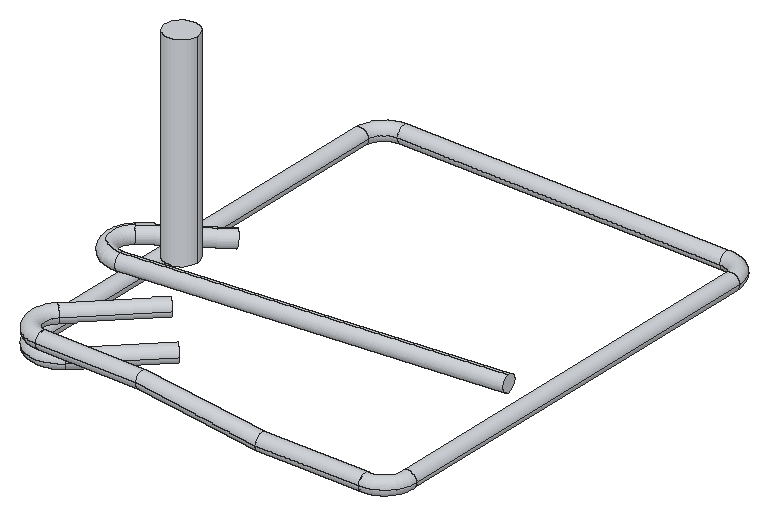
Revit family
Parameters (values of type "PHI_18")
  C_visibility_staffa [instance] = no
  C_raggio_staffa [instance] = (C_phi_staffa) / 2  # 0.50 cm
  C_raggio_Tondino [instance] = (C_phi_Tondino) / 2  # 1.00 cm
  C_ragg_tondino_10_phi [instance] = (C_DIAM_tondino_10_phi) / 2  # 0.50 cm
  C_phi_staffa [instance] = 1.00 cm
  C_phi_Tondino [instance] = 2.00 cm
  C_materiale_staffa [instance] = Default Wall
  C_curva(x+y) [instance] = (C_raggio_staffa + C_raggio_Tondino)  # 1.50 cm
  C_asse_dist [instance] = 3.00 cm
  C_STAFFA_meta_larg [instance] = 15.00 cm
  C_EQ [instance] = 17.50 cm
  C_DIAM_tondino_10_phi [instance] = 1.00 cm
  C_CURVA_10_phi [instance] = (C_raggio_staffa + C_ragg_tondino_10_phi)  # 1.00 cm
Reference planes (cm)
  plane 1 "Center (Front/Back)": y = 0
  plane 2: z = 0
  plane 3 "Center (Left/Right)": x = 0
  plane 4 "BACK": y = 17.5
  plane 5 "FRONT": y = -17.5
  plane 6 "LEFT": x = 15
  plane 7: y = 14.5
  plane 8: y = -14.5
  plane 9: x = 12
  plane 10 "RIGHT": x = -15
  plane 11: x = -12
  plane 12 "SOPRA": z = 0.4282
  plane 13 "SOTTO": z = -0.4282
  plane 14: x = -11.5
  plane 15: y = 14
  plane 16 "F_R_O_N_T_ NEWWW": y = -14
  plane 17: through (-13.4499, -15.9499, 120) normal (-0.7071, 0.7071, 0)
  plane 18: x = 11.5
  plane 19: y = 13.5
  plane 20: y = -13.5
  plane 21: x = 11
  plane 22: x = -11
  plane 23: y = 4.5
  plane 24: y = -4.5
  plane 25 "DIAGONALE": through (11.8414, -5.7226, 120) normal (0.8339, -0.5519, 0)
  plane 26: x = -12.5
  plane 27: x = -6.5
  plane 28: through (-13.5962, -5.9286, 120) normal (-0.7071, 0.7071, 0)
  plane 29 "DIAGONALE_NEW": through (-10.6845, -0.8956, 120) normal (0.7071, -0.7071, 0)
Forms (cm)
  Sweep 1, solid
    path in 3D
      loop
        line (-5.0503, -9.6716, -0.4282) -> (-8.9393, -13.5607, -0.4282)
        arc (-8.9393, -13.5607, -0.4282) -> (-10.574, -13.8858, -0.4282) -> (-11.5, -12.5, -0.4282) r 1.5
        line (-11.5, -12.5, -0.4282) -> (-11.5, 12.5, -0.4282)
        arc (-11.5, 12.5, -0.4282) -> (-11.0607, 13.5607, -0.4282) -> (-10, 14, -0.4282) r 1.5
        line (-10, 14, -0.4282) -> (10, 14, -0.4282)
        arc (10, 14, -0.4282) -> (11.0607, 13.5607, -0.4282) -> (11.5, 12.5, -0.4282) r 1.5
        line (11.5, 12.5, -0.4282) -> (11.5, -12.5, -0.4282)
        arc (11.5, -12.5, -0.4282) -> (11.0607, -13.5607, -0.4282) -> (10, -14, -0.4282) r 1.5
        line (10, -14, -0.4282) -> (3.6, -14, -0.4282) -> (-3.8, -14, 0.4282) -> (-10, -14, 0.4282)
        arc (-10, -14, 0.4282) -> (-11.3858, -13.074, 0.4282) -> (-11.0607, -11.4393, 0.4282) r 1.5
        line (-11.0607, -11.4393, 0.4282) -> (-7.1716, -7.5503, 0.4282)
    profile origin (-9.1161, -9.4948, 0.4282) x (-0.707107, 0.707107, 0) y (0, 0, 1)
      loop
        circle (0, 0) r 0.5
  Extrusion 2, solid
    sketch origin (0.261, -0.5239, 0.4282) x (-1, 0, 0) y (0, -1, 0)
      loop
        circle (10.1553, 2.827) r 1
    from 0 to 12.5537
  Sweep 3, solid
    path in 3D
      loop
        line (10.4338, -3.4029, 0.4282) -> (-11.754, -5.7349, 0.4282)
        arc (-11.754, -5.7349, 0.4282) -> (-13.2646, -4.8889, 0.4282) -> (-12.9714, -3.1825, 0.4282) r 1.5
        line (-12.9714, -3.1825, 0.4282) -> (-9.4359, 0.353, -0.1455)
    profile origin (-11.2037, -1.4147, 0.1413) x (0.08061, 0.08061, 0.993481) y (0.707107, -0.707107, 0)
      loop
        circle (0.1154, 0) r 0.5
Lines and regions (cm)
  model lines
    curve 1: line (-11.5, -12.5, -0.4282) -> (-11.5, 12.5, -0.4282)
    curve 2: line (-10, 14, -0.4282) -> (10, 14, -0.4282)
    curve 3: line (11.5, 12.5, -0.4282) -> (11.5, -12.5, -0.4282)
    curve 4: line (10, -14, -0.4282) -> (3.6, -14, -0.4282)
    curve 5: line (-8.9393, -13.5607, -0.4282) -> (-5.0503, -9.6716, -0.4282)
    curve 6: line (-10, -14, 0.4282) -> (-3.8, -14, 0.4282)
    curve 7: line (-3.8, -14, 0.4282) -> (3.6, -14, -0.4282)
    curve 8: line (-11.0607, -11.4393, 0.4282) -> (-7.1716, -7.5503, 0.4282)
    curve 9: arc (-11.5, 12.5, -0.4282) -> (-11.0607, 13.5607, -0.4282) -> (-10, 14, -0.4282) r 1.5
    curve 10: arc (10, 14, -0.4282) -> (11.0607, 13.5607, -0.4282) -> (11.5, 12.5, -0.4282) r 1.5
    curve 11: arc (10, -14, -0.4282) -> (11.0607, -13.5607, -0.4282) -> (11.5, -12.5, -0.4282) r 1.5
    curve 12: arc (-11.5, -12.5, -0.4282) -> (-10.574, -13.8858, -0.4282) -> (-8.9393, -13.5607, -0.4282) r 1.5
    curve 13: arc (-11.0607, -11.4393, 0.4282) -> (-11.3858, -13.074, 0.4282) -> (-10, -14, 0.4282) r 1.5
    curve 27: circle (-9.8248, 4.5, -0.4282) r 1 normal (0, 0, 1)
    curve 28: circle (9.8248, 4.5, -0.4282) r 1 normal (0, 0, -1)
    curve 29: circle (-9.9062, -4.3508, -0.4282) r 1 normal (0, 0, -1)
    curve 30: circle (9.8248, -4.5, -0.4282) r 1 normal (0, 0, 1)
    curve 31: line (-11.754, -5.7349, 0.4282) -> (10.4338, -3.4029, 0.4282)
    curve 32: arc (10.4338, -3.4029, 0.4282) -> (11.873, -4.1165, 0.4282) -> (11.8414, -5.7226, 0.4282) r 1.5
    curve 33: line (11.8414, -5.7226, 0.4282) -> (9.6417, -9.046, -0.4282)
    curve 34: arc (10.4338, 5.5971, 0.4282) -> (11.873, 4.8835, 0.4282) -> (11.8414, 3.2774, 0.4282) r 1.5
    curve 35: arc (-12.9714, -3.1825, 0.4282) -> (-13.2646, -4.8889, 0.4282) -> (-11.754, -5.7349, 0.4282) r 1.5
    curve 36: line (7.1532, 16.9422, 0.4282) -> (4.1421, 13.9311, -0.4282)
    curve 37: line (-12.9714, -3.1825, 0.4282) -> (-9.4359, 0.353, -0.1455)
  sketch lines
    curve 14: line (-11.0607, -11.4393, 0.4282) -> (-7.1716, -7.5503, 0.4282)
    curve 15: arc (-11.0607, -11.4393, 0.4282) -> (-11.3858, -13.074, 0.4282) -> (-10, -14, 0.4282) r 1.5
    curve 16: line (-10, -14, 0.4282) -> (-3.8, -14, 0.4282)
    curve 17: line (-3.8, -14, 0.4282) -> (3.6, -14, -0.4282)
    curve 18: line (10, -14, -0.4282) -> (3.6, -14, -0.4282)
    curve 19: arc (10, -14, -0.4282) -> (11.0607, -13.5607, -0.4282) -> (11.5, -12.5, -0.4282) r 1.5
    curve 20: line (11.5, 12.5, -0.4282) -> (11.5, -12.5, -0.4282)
    curve 21: arc (10, 14, -0.4282) -> (11.0607, 13.5607, -0.4282) -> (11.5, 12.5, -0.4282) r 1.5
    curve 22: line (-10, 14, -0.4282) -> (10, 14, -0.4282)
    curve 23: arc (-11.5, 12.5, -0.4282) -> (-11.0607, 13.5607, -0.4282) -> (-10, 14, -0.4282) r 1.5
    curve 24: line (-11.5, -12.5, -0.4282) -> (-11.5, 12.5, -0.4282)
    curve 25: arc (-11.5, -12.5, -0.4282) -> (-10.574, -13.8858, -0.4282) -> (-8.9393, -13.5607, -0.4282) r 1.5
    curve 26: line (-8.9393, -13.5607, -0.4282) -> (-5.0503, -9.6716, -0.4282)
    curve 38: line (-12.9714, -3.1825, 0.4282) -> (-9.4359, 0.353, -0.1455)
    curve 39: arc (-12.9714, -3.1825, 0.4282) -> (-13.2646, -4.8889, 0.4282) -> (-11.754, -5.7349, 0.4282) r 1.5
    curve 40: line (-11.754, -5.7349, 0.4282) -> (10.4338, -3.4029, 0.4282)
Dimensions and locks (cm)
  "C_asse_dist": plane 4 "BACK" to plane 7
  "C_asse_dist": plane 8 to plane 5 "FRONT"
  "C_asse_dist": plane 9 to plane 6 "LEFT"
  "C_asse_dist": plane 10 "RIGHT" to plane 11
  equal spacing: plane 12 "SOPRA", level, plane 13 "SOTTO"
  "C_raggio_staffa": plane 11 to plane 14
  "C_STAFFA_meta_larg": plane 10 "RIGHT" to plane 3 "Center (Left/Right)"
  "C_STAFFA_meta_larg": plane 3 "Center (Left/Right)" to plane 6 "LEFT"
  "C_raggio_staffa": plane 7 to plane 15
  "C_EQ": plane 1 "Center (Front/Back)" to plane 4 "BACK"
  "C_raggio_staffa": plane 16 "F_R_O_N_T_ NEWWW" to plane 8
  "C_EQ": plane 1 "Center (Front/Back)" to plane 5 "FRONT"
  "C_raggio_staffa": plane 18 to plane 9
  plane 19 to plane 23 to plane 24 = 9.00 cm, 9.00 cm
  plane 20 to plane 24 = 9.00 cm
  "C_curva(x+y)": radius of curve 9
  "C_curva(x+y)": radius of curve 10
  "C_curva(x+y)": radius of curve 11
  "C_curva(x+y)": radius of curve 12
  "C_curva(x+y)": radius of curve 13
  "C_raggio_staffa": radius of Sweep 1 sketch curve
  "C_raggio_staffa": radius of Sweep 3 sketch curve
  angle plane 17 to plane 14 = 45.00°
Automatic sketch dimensions
  curve 7 to plane 13 "SOTTO" = 0.00 cm
  curve 7 to plane 12 "SOPRA" = 0.00 cm
  plane 3 "Center (Left/Right)" to curve 7 = 3.60 cm
  curve 7 to plane 3 "Center (Left/Right)" = 3.80 cm
  curve 33 to plane 13 "SOTTO" = 0.00 cm
  curve 33 to plane 12 "SOPRA" = 0.00 cm
  curve 33 to curve 33 = 3.9855 cm
  Sweep 1 sketch curve to profile plane = 0.00 cm
  profile plane to Sweep 1 sketch curve = 0.00 cm
  curve 3 to plane 18 = 0.00 cm
  plane 24 to curve 30 = 0.00 cm
  curve 28 to plane 23 = 0.00 cm
  curve 4 to plane 16 "F_R_O_N_T_ NEWWW" = 0.00 cm
  curve 27 to plane 23 = 0.00 cm
  curve 12 to plane 17 = 0.00 cm
  curve 2 to plane 15 = 0.00 cm
  curve 9 to plane 14 = 0.00 cm
  plane 21 to curve 30 = 1.1752 cm
  plane 21 to curve 28 = 1.1752 cm
  plane 3 "Center (Left/Right)" to curve 4 = 3.60 cm
  plane 27 to curve 5 = 1.4497 cm
  plane 20 to curve 12 = 0.0607 cm
  plane 22 to curve 27 = 1.1752 cm
  curve 29 to plane 24 = 0.1492 cm
  plane 22 to curve 29 = 1.0938 cm
  curve 5 to plane 20 = 3.8284 cm
  plane 25 "DIAGONALE" to curve 32 = 0.00 cm
  curve 6 to plane 16 "F_R_O_N_T_ NEWWW" = 0.00 cm
  curve 13 to plane 17 = 0.00 cm
  curve 35 to plane 28 = 0.00 cm
  curve 8 to plane 27 = 0.6716 cm
  plane 27 to curve 6 = 2.70 cm
  plane 21 to curve 32 = 0.5662 cm
  plane 21 to curve 34 = 0.5662 cm
  plane 21 to curve 34 = 0.4094 cm
  plane 21 to curve 32 = 0.4094 cm
  plane 9 to curve 32 = 0.1586 cm
  plane 9 to curve 34 = 0.1586 cm
  curve 13 to plane 22 = 0.0607 cm
  plane 11 to curve 31 = 0.246 cm
  plane 11 to curve 35 = 0.0892 cm
  curve 35 to plane 26 = 0.4714 cm
  curve 34 to plane 23 = 1.2226 cm
  curve 34 to plane 23 = 0.3947 cm
  curve 31 to plane 24 = 1.0971 cm
  plane 24 to curve 8 = 3.0503 cm
  curve 37 to plane 12 "SOPRA" = 0.00 cm
  curve 36 to plane 13 "SOTTO" = 0.00 cm
  curve 36 to plane 12 "SOPRA" = 0.00 cm
  curve 37 to level = 0.1455 cm
  curve 37 to curve 37 = 5.00 cm
  curve 37 to curve 36 = 19.2022 cm
  curve 36 to curve 36 = 4.2583 cm
  plane 29 "DIAGONALE_NEW" to curve 35 = 0.00 cm
  plane 22 to Extrusion 2 sketch curve = 1.1057 cm
  Extrusion 2 sketch curve to plane 24 = 1.1491 cm
  Sweep 3 sketch curve to profile plane = 0.00 cm
  Sweep 3 sketch curve to profile plane = 0.1154 cm
  radius of curve 27 = 1.00 cm
  radius of curve 28 = 1.00 cm
  radius of curve 29 = 1.00 cm
  radius of curve 30 = 1.00 cm
  radius of Extrusion 2 sketch curve = 1.00 cm
